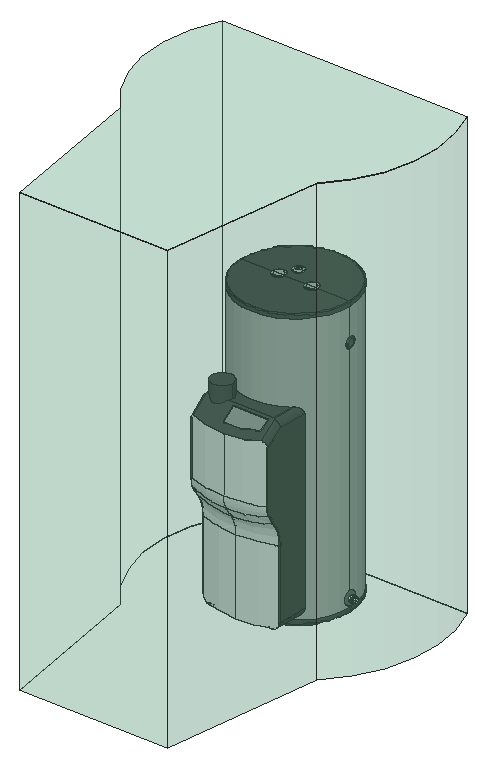
Revit family "Innovo GB_IR 24 285 GB NAT", category Mechanical Equipment, Revit 2015
Parameters (values of type "IR-24-285 GB NAT")
  Workspace Radius = Diameter + 170 mm  # 845 mm
  Workspace Height = Height + 1000 mm  # 2745 mm
  Workspace Front Distance = 1000 mm
  Working only during off-peak hour = no
  Width = Diameter  # 675 mm
  Workspace [instance] = yes
  Water heating energy efficiency class (2) = "-"
  Water heating energy efficiency class (1) = "A"  # constant formula
  Water heating energy efficiency (2) = "92%"
  Water heating energy efficiency (1) = "90%"
  Warranty on tank = "36 months"  # constant formula
  Warranty on parts = "12 months"  # constant formula
  Voltage = 230 V  # constant formula
  Valve Height 02 = if(and(Height = 1745 mm, Diameter = 675 mm), 1518 mm, if(and(Height = 1745 mm, Diameter = 610 mm), 1534 mm, if(Height = 1545 mm, 1328 mm, 1070 mm)))  # 1518 mm
  Valve Height 01 = if(and(Diameter > 560 mm), 693 mm, 604 mm)  # 693 mm
  URL = "www.aosmith.co.uk"
  Type of Packaging = "Carton and Wood"  # constant formula
  Transport Weight = 172 kg
  Trade mark = "A.O. Smith"  # constant formula
  Thermostat temperature setting = 65 °C  # constant formula
  T&P Connection Rp = 1"
  Storage Capacity = 380.0 L
  Standard Set For = "G20"
  Stand-by Loss - daily (24h) = 0 W
  Stand-by Loss = 0 W
  Smart control = no
  Serial Number = "8717449286415"
  Seasonal Energy Efficiency Rating = [Energy Efficiency Rating (Hs, acc NEN-EN 89-1999)]  # 97
  Recovery Rate @ ΔT = 70°C = 380.0 L/s
  Recovery Rate @ ΔT = 55°C = 480.0 L/s
  Recovery Rate @ ΔT = 50°C = 530.0 L/s
  Recovery Rate @ ΔT = 44°C = 600.0 L/s
  Recovery Rate @ ΔT = 28°C = 960.0 L/s
  Product Instruction Link = ""
  Product Documentation Link = ""
  Precaustions during assembling, installation or maintenance = "see User, Installation, Service and Maintenance Manual"  # constant formula
  Power Consumption (peak) = 105 W
  Power Consumption (nominal) = 85 W
  Phase = 1
  Packaging Width = 786 mm  # constant formula
  Packaging Length = 946 mm  # constant formula
  Packaging Height = 1895 mm
  Other load profile = "3XL"
  Operating Weight = 552 kg
  Nominal Output = "31300"
  Nominal Heat Input (Net) = "29000"
  Nominal Heat Input (Gross) = "31500"
  Noice-level dB (A) = "<45"  # constant formula
  NOx Emissions mg/kWh = "37"
  NOx Emissions (air free, 0% O2) ppm = "24"
  Model identifier = "IR-32-380"
  Model = "IR-32-380 GB NAT"
  Min. Setpoint = 40 °C  # constant formula
  Max. Setpoint = 85 °C  # constant formula
  Max. Operating Pressure = 800000.0 Pa
  Max. Flue Gas Outlet Temperature = 65 °C
  Manufacturer Number = "E 7110"  # constant formula
  Manufacturer = "A.O. Smith Water Products Company b.v."  # constant formula
  Maintenance Interval = "12 months"  # constant formula
  Load profile = "XXL"
  Length = 780 mm  # constant formula
  Insulation Thickness = 44 mm
  Installation Type = "B23/C13/C33/C43/C53/C63"  # constant formula
  Indoor sound power level = "58 dB"
  Hot / Warm Water Connection R = 1"
  Height Warm Water Outlet = 1745 mm
  Height Gas Connection = 905 mm
  Height Flue Outlet = 1350 mm
  Height Cold Water Inlet = 170 mm
  Height Air Inlet = 1350 mm
  Height = 1745 mm
  Heating Up Time @ ΔT = 70°C = "50"
  Heating Up Time @ ΔT = 55°C = "39"
  Heating Up Time @ ΔT = 50°C = "36"
  Heating Up Time @ ΔT = 44°C = "31"
  Heating Up Time @ ΔT = 28°C = "20"
  Gas Supply Pressure = 2000.0 Pa
  Gas Flow Rate - Volume ltr/hr = "3.10"
  Gas Flow Rate - Mass kg/h = "n.a."
  Gas Connection R = 15"  # constant formula
  Gas Category = "II2E3P"  # constant formula
  Frequency = 50 Hz  # constant formula
  Flue Diameter - water heater = "80/125 mm/mm"  # constant formula
  Flue Diameter - parallel system = "2x80"  # constant formula
  Flue Diameter - concentric system = "80/125 mm/mm"  # constant formula
  Energy Efficiency Rating (Hs, acc NEN-EN 89-1999) = 97
  Energy Efficiency Rating (Hi, acc NEN-EN 89-1999) = 108
  Empty Weight = 155 kg
  Draw-off Capacity @ ΔT = 70°C after 90 min. = 840.0 L
  Draw-off Capacity @ ΔT = 70°C after 60 min. = 650.0 L
  Draw-off Capacity @ ΔT = 70°C after 30 min. = 460.0 L
  Draw-off Capacity @ ΔT = 70°C after 120 min. = 1100.0 L
  Draw-off Capacity @ ΔT = 55°C after 90 min. = 1100.0 L
  Draw-off Capacity @ ΔT = 55°C after 60 min. = 860.0 L
  Draw-off Capacity @ ΔT = 55°C after 30 min. = 610.0 L
  Draw-off Capacity @ ΔT = 55°C after 120 min. = 1400.0 L
  Draw-off Capacity @ ΔT = 50°C after 90 min. = 1300.0 L
  Draw-off Capacity @ ΔT = 50°C after 60 min. = 950.0 L
  Draw-off Capacity @ ΔT = 50°C after 30 min. = 680.0 L
  Draw-off Capacity @ ΔT = 50°C after 120 min. = 1500.0 L
  Draw-off Capacity @ ΔT = 44°C after 90 min. = 1400.0 L
  Draw-off Capacity @ ΔT = 44°C after 60 min. = 1100.0 L
  Draw-off Capacity @ ΔT = 44°C after 30 min. = 790.0 L
  Draw-off Capacity @ ΔT = 44°C after 120 min. = 1800.0 L
  Draw-off Capacity @ ΔT = 28°C after 90 min. = 2300.0 L
  Draw-off Capacity @ ΔT = 28°C after 60 min. = 1800.0 L
  Draw-off Capacity @ ΔT = 28°C after 30 min. = 1300.0 L
  Draw-off Capacity @ ΔT = 28°C after 120 min. = 2800.0 L
  Drain Valve Connection Rp = 3/4"  # constant formula
  Diameter = 675 mm
  Destination / Country = "UK & Ireland"  # constant formula
  Description = "Condensing High Efficiency Storage Water Heater"  # constant formula
  Default Setpoint = 65 °C  # constant formula
  Created By = "http://www.cadcompany.nl/"
  Condens Discharge Connection = 40 mm  # constant formula
  Cold Water Connection R = 3/4"  # constant formula
  Co2 Emissions (tol. +/- 1.0) vol% = "9.3"
  CE-PIN = "0063CQ3037"  # constant formula
  BIM Content Developer = "CAD & Company"  # constant formula
  Assembly Code = "D3010"
  Annual fuel consumption (2) = "40 GJ GCV"
  Annual fuel consumption (1) = "21 GJ GCV"
  Annual electricity consumption (2) = "92 kWh"
  Annual electricity consumption (1) = "45 kWh"
  APS Pressure < = 210.0 Pa
  2nd Maintenance (general maintenance) = "12 months after installation"  # constant formula
  1e Maintenance (check-up) = "3 months after installation"  # constant formula
Reference planes
  plane 1 "Center (Front/Back)": y = 0
  plane 2: z = 0
  plane 3 "Center (Left/Right)": x = 0
  plane 4 "Pipe": through (-383.901, 912.349, 194.799) normal (-0.0879, -0.0879, 0.9923)
  plane 5 "footing": y = 118.925
  plane 6 "footing front": y = -237.85
  plane 7: x = -337.5
  plane 8: x = 337.5
  plane 9: z = 1745
Forms (mm)
  Revolve 1, solid, material "RAL 9005", detail levels medium+fine
    sketch origin (0, -237.85, 0) x (-1, 0, 0) y (0, 0, 1)
      loop
        line (0, 28.9) -> (-15, 28.9) -> (-15, 26.4) -> (-8.671, 26.4) -> (-8.671, 18) -> (-5.686, 18) -> (-6.626, 17.06) -> (-6.626, 12.06) -> (-8.671, 12.06) -> (-8.671, 10) -> (-10.031, 10) -> (-23.271, 5.181)
        arc (-23.271, 5.181) -> (-23.763, 4.836) -> (-24.017, 4.293) r 1.159
        line (-24.017, 4.293) -> (-24.017, 1.03)
        arc (-24.017, 1.03) -> (-23.715, 0.302) -> (-22.986, 0) r 1.03
        line (-22.986, 0) -> (0, 0) -> (0, 28.9)
      axis (0, 28.9) -> (0, 0)
    angle from 0 to 360
  Revolve 2, solid, material "RAL 9005", detail levels medium+fine
    sketch origin (0, 118.925, 0) x (-1, 0, 0) y (0, 0, 1)
      loop
        line (-238.484, 28.9) -> (-253.484, 28.9) -> (-253.484, 26.4) -> (-247.155, 26.4) -> (-247.155, 18) -> (-244.17, 18) -> (-245.11, 17.06) -> (-245.11, 12.06) -> (-247.155, 12.06) -> (-247.155, 10) -> (-248.515, 10) -> (-261.756, 5.181)
        arc (-261.756, 5.181) -> (-262.247, 4.836) -> (-262.501, 4.293) r 1.159
        line (-262.501, 4.293) -> (-262.501, 1.03)
        arc (-262.501, 1.03) -> (-262.199, 0.302) -> (-261.471, 0) r 1.03
        line (-261.471, 0) -> (-238.484, 0) -> (-238.484, 28.9)
      axis (-238.484, 28.9) -> (-238.484, 0)
    angle from 0 to 360
  Revolve 3, solid, material "RAL 9005", detail levels medium+fine
    sketch origin (0, 118.925, 0) x (-1, 0, 0) y (0, 0, 1)
      loop
        line (236.516, 28.9) -> (221.516, 28.9) -> (221.516, 26.4) -> (227.845, 26.4) -> (227.845, 18) -> (230.83, 18) -> (229.89, 17.06) -> (229.89, 12.06) -> (227.845, 12.06) -> (227.845, 10) -> (226.485, 10) -> (213.244, 5.181)
        arc (213.244, 5.181) -> (212.753, 4.836) -> (212.499, 4.293) r 1.159
        line (212.499, 4.293) -> (212.499, 1.03)
        arc (212.499, 1.03) -> (212.801, 0.302) -> (213.529, 0) r 1.03
        line (213.529, 0) -> (236.516, 0) -> (236.516, 28.9)
      axis (236.516, 28.9) -> (236.516, 0)
    angle from 0 to 360
Lines and regions (mm)
  symbolic lines
    curve 1: line (0, 280.06, 0) -> (0, -280.06, 0)
    curve 2: line (-312.56, 0, 0) -> (312.56, 0, 0)
  symbolic lines, style "Workspace"
    curve 3: line (754.705, 380.06, 0) -> (-754.705, 380.06, 0)
    curve 4: arc (-754.705, 380.06, 0) -> (-834.687, -131.618, 0) -> (-601.132, -593.856, 0) r 845
    curve 5: line (-601.132, -593.856, 0) -> (-454.283, -1552.825, 0)
    curve 6: line (-454.283, -1552.825, 0) -> (456.53, -1552.825, 0)
    curve 7: line (456.53, -1552.825, 0) -> (603.26, -591.695, 0)
    curve 8: arc (603.26, -591.695, 0) -> (834.921, -130.12, 0) -> (754.705, 380.06, 0) r 845
Dimensions and locks
  plane 5 "footing" to plane 1 "Center (Front/Back)" = 118.925 mm
  plane 1 "Center (Front/Back)" to plane 6 "footing front" = 237.85 mm
  "Diameter": plane 7 to plane 8
  equal spacing: plane 7, plane 3 "Center (Left/Right)", plane 8
  "Height": plane 9 to plane 2
  "Workspace Front Distance": curve 6 to nested 3
  "Workspace Radius": radius of curve 4
  "Workspace Radius": radius of curve 8
  aligned and locked: level to plane 2
  aligned and locked: nested 3 to Revolve 1 sketch curve
  aligned and locked: plane 3 "Center (Left/Right)" to Revolve 1 sketch curve
  aligned and locked: nested 3 to plane 1 "Center (Front/Back)"
  aligned and locked: plane 3 "Center (Left/Right)" to nested 3
  aligned and locked: nested 1 to plane 8
  aligned and locked: nested 5 to plane 8
  aligned and locked: nested 2 to plane 7
  aligned and locked: nested 4 to plane 7
  aligned and locked: nested 7 to plane 7
  aligned and locked: nested 8 to plane 3 "Center (Left/Right)"
  aligned and locked: plane 1 "Center (Front/Back)" to nested 8
  aligned and locked: nested 8 to nested 3
  aligned and locked: curve 5 to nested 8
  aligned and locked: curve 7 to nested 8
  aligned and locked: curve 3 to nested 8
Automatic sketch dimensions
  Revolve 1 sketch curve to level = 0 mm
  plane 3 "Center (Left/Right)" to Revolve 1 sketch curve = 5.686 mm
  Revolve 1 sketch curve to Revolve 1 sketch curve = 0.94 mm  (x2)
  Revolve 1 sketch curve to Revolve 1 sketch curve = 2.046 mm  (x2)
  Revolve 1 sketch curve to Revolve 1 sketch curve = 1.359 mm
  Revolve 1 sketch curve to Revolve 1 sketch curve = 6.329 mm
  level to Revolve 1 sketch curve = 4.091 mm
  Revolve 1 sketch curve to Revolve 1 sketch curve = 12.844 mm
  level to Revolve 1 sketch curve = 1.03 mm
  Revolve 1 sketch curve to Revolve 1 sketch curve = 0.111 mm
  level to Revolve 1 sketch curve = 5.181 mm
  Revolve 1 sketch curve to Revolve 1 sketch curve = 0.745 mm
  level to Revolve 1 sketch curve = 10 mm
  Revolve 1 sketch curve to Revolve 1 sketch curve = 2.06 mm
  Revolve 1 sketch curve to Revolve 1 sketch curve = 5 mm
  Revolve 1 sketch curve to Revolve 1 sketch curve = 8.4 mm
  Revolve 1 sketch curve to Revolve 1 sketch curve = 2.5 mm
  Revolve 1 sketch curve to level = 19.635 mm
  Revolve 1 sketch curve to Revolve 1 sketch curve = 46.465 mm
  Revolve 2 sketch curve to level = 0 mm
  level to Revolve 2 sketch curve = 1.03 mm
  Revolve 2 sketch curve to plane 8 = 74.999 mm
  level to Revolve 2 sketch curve = 5.181 mm
  Revolve 2 sketch curve to Revolve 2 sketch curve = 0.745 mm
  Revolve 2 sketch curve to Revolve 2 sketch curve = 0.397 mm
  Revolve 2 sketch curve to Revolve 2 sketch curve = 8.271 mm
  Revolve 2 sketch curve to Revolve 2 sketch curve = 13.241 mm
  Revolve 2 sketch curve to Revolve 2 sketch curve = 1.359 mm
  Revolve 2 sketch curve to Revolve 2 sketch curve = 6.329 mm
  Revolve 2 sketch curve to Revolve 2 sketch curve = 2.046 mm
  level to Revolve 2 sketch curve = 18 mm
  Revolve 2 sketch curve to Revolve 2 sketch curve = 0.94 mm  (x2)
  Revolve 2 sketch curve to Revolve 2 sketch curve = 8.671 mm
  Revolve 2 sketch curve to Revolve 2 sketch curve = 1.089 mm
  Revolve 2 sketch curve to Revolve 2 sketch curve = 8 mm
  Revolve 2 sketch curve to Revolve 2 sketch curve = 2.06 mm
  Revolve 2 sketch curve to Revolve 2 sketch curve = 8.4 mm
  Revolve 2 sketch curve to Revolve 2 sketch curve = 2.5 mm
  Revolve 2 sketch curve to Revolve 2 sketch curve = 0 mm
  Revolve 2 sketch curve to level = 19.635 mm
  Revolve 2 sketch curve to Revolve 2 sketch curve = 46.465 mm
  Revolve 3 sketch curve to level = 0 mm
  level to Revolve 3 sketch curve = 1.03 mm
  Revolve 3 sketch curve to plane 7 = 125.001 mm
  level to Revolve 3 sketch curve = 5.181 mm
  Revolve 3 sketch curve to Revolve 3 sketch curve = 0.745 mm
  Revolve 3 sketch curve to Revolve 3 sketch curve = 0.397 mm
  Revolve 3 sketch curve to Revolve 3 sketch curve = 8.271 mm
  Revolve 3 sketch curve to Revolve 3 sketch curve = 13.241 mm
  Revolve 3 sketch curve to Revolve 3 sketch curve = 1.359 mm
  Revolve 3 sketch curve to Revolve 3 sketch curve = 6.329 mm
  Revolve 3 sketch curve to Revolve 3 sketch curve = 2.046 mm
  level to Revolve 3 sketch curve = 18 mm
  Revolve 3 sketch curve to Revolve 3 sketch curve = 0.94 mm  (x2)
  Revolve 3 sketch curve to Revolve 3 sketch curve = 8.671 mm
  Revolve 3 sketch curve to Revolve 3 sketch curve = 1.089 mm
  Revolve 3 sketch curve to Revolve 3 sketch curve = 8 mm
  Revolve 3 sketch curve to Revolve 3 sketch curve = 2.06 mm
  Revolve 3 sketch curve to Revolve 3 sketch curve = 8.4 mm
  Revolve 3 sketch curve to Revolve 3 sketch curve = 2.5 mm
  Revolve 3 sketch curve to Revolve 3 sketch curve = 0 mm
  Revolve 3 sketch curve to level = 19.635 mm
  Revolve 3 sketch curve to Revolve 3 sketch curve = 46.465 mm
  curve 4 to curve 8 = 0 mm  (x2)
  plane 1 "Center (Front/Back)" to curve 2 = 0 mm
  curve 1 to plane 3 "Center (Left/Right)" = 0 mm
  plane 1 "Center (Front/Back)" to curve 4 = 0 mm
  curve 4 to plane 3 "Center (Left/Right)" = 0 mm
  curve 2 to plane 7 = 24.94 mm
  curve 2 to plane 8 = 24.94 mm
  curve 1 to plane 6 "footing front" = 42.21 mm
  plane 5 "footing" to curve 1 = 161.135 mm
Nested families
  nested 1: "Valve" at (337.5, -0.38, 1518) x (0, 1, 0) z (0, 0, 1), built-in parameter 1001364 <- "Valve Height 02", type "Valve"
  nested 2: "Drain Valve" at (-337.5, 0, 1518), built-in parameter 1001364 <- "Valve Height 02", type "Drain Valve"
  nested 3: "Housing Mother Housing S 57 (external)" at (0, -334.886, 0), type "Housing Mother_Housing S_57"
    with radius 337.5 mm, distance to boiler center 189 mm, diameter 675 mm
  nested 4: "Drain Valve" at (-337.5, 0, 177), type "Drain Valve"
  nested 5: "Drain Valve" at (337.5, 0, 107) x (-1, 0, 0) z (0, 0, 1), type "Drain Valve"
  nested 6: "Boiler" at (0, 0, 0), height <- "Height", type "Boiler"
    with height 1745 mm, radius 337.5 mm, Diameter 675 mm
  nested 7: "Drain Valve" at (-337.5, 0, 693), built-in parameter 1001364 <- "Valve Height 01", type "Drain Valve"
  nested 8: "Innovo_workspace" at (0, 0, 0), Workspace <- "Workspace", Workspace Distance Front <- "Workspace Front Distance", Workspace Height <- "Workspace Height", Workspace Radius <- "Workspace Radius", type "Workspace"
    with Workspace Radius 845 mm, Workspace Height 2745 mm, Workspace Distance Front 1000 mm, Workspace yes, Center to Front 552.825 mm
Connectors
  piping at (372.326, 0, 107), diameter 19.05, driven by "Drain Valve Connection Rp"
    settings: on nested 5, index 1, connector inside diameter 24", connector length 0 mm, flow factor 0, pipe flow 0.0 L/s, pressure drop 0.0 Pa, fitting loss kfactor 0, connector angle 0.00°, fixture units 0, engagement length 0 mm, angle of deflection 0.00°, flow configuration 0, flow direction 0, fitting loss method 0, system type 19, joint type 0, gender type 0, connector reference index -1, connector utility 0, adjustable connector no, is connector primary yes, connector description ""
  hvac at (-147.013, -381.326, 1310.674)
    settings: on nested 3, index 2, duct flow 0.0 L/s, flow factor 0, pres drop 0.0 Pa, loss coef 0, conn angle 0.00°, conn width 304.8 mm, conn height 304.8 mm, conn diameter 125 mm, duct sys type 4, conn prof type 0, flow config 0, flow direction 0, loss method 0, conn ref index -1, conn util no, is conn primary yes, conn desc ""
Definition of nested family "Valve"
  Parameters (values of type "Valve")
    Type Comments = "T&P valve (internal)"
    Manufacturer = "A.O. Smith"
  Reference planes
    plane 1 "Center (Front/Back)": y = 0
    plane 2: z = 0
    plane 3 "Center (Left/Right)": x = 0
  Forms (mm)
    Extrusion 1, solid, detail levels fine
      sketch origin (0, 0, 0) x (1, 0, 0) y (0, 0, 1)
        loop
          circle (0, 0) r 31.5
      from -2.271 to 1.4
    Sweep 2, solid, detail levels fine
      path origin (0, -1.4, 0) x (1, 0, 0) y (0, 0, 1)
        loop
          circle (0, 0) r 31.5
      profile origin (0, -1.4, 31.5) x (0, 0, -1) y (0, -1, 0)
        loop
          line (7.3, 0) -> (7.3, 3) -> (0, 0) -> (7.3, 0)
  Dimensions and locks
    aligned and locked: level to plane 2
Definition of nested family "Drain Valve"
  Reference planes
    plane 1 "Center (Front/Back)": y = 0
    plane 2: z = 0
    plane 3 "Center (Left/Right)": x = 0
  Forms (mm)
    Revolve 1, solid, detail levels medium+fine
      sketch origin (0, 0, 0) x (1, 0, 0) y (0, 0, 1)
        loop
          line (-33.442, 15.696) -> (-34.826, 14.329) -> (-34.93, 12.731) -> (-16.555, 12.731) -> (-16.555, 0) -> (15.787, 0) -> (15.787, 18.3) -> (-14.4, 18.3) -> (-17.148, 15.533) -> (-18.729, 16.697) -> (-20.091, 15.333) -> (-21.672, 16.496) -> (-23.034, 15.133) -> (-24.614, 16.296) -> (-25.976, 14.932) -> (-27.557, 16.096) -> (-28.919, 14.732) -> (-30.5, 15.896) -> (-31.862, 14.532) -> (-33.442, 15.696)
        axis (-34.93, 0) -> (15.787, 0)
      angle from 0 to 360
  Dimensions and locks
    aligned and locked: level to plane 2
  Nested families
    nested 1: "Rubber sealing" at (2.592, -0.155, 0) x (0.0023, -1, 0) z (0, 0, 1), type "Rubber sealing", detail levels fine
  Definition of nested family "Rubber sealing"
    Reference planes
      plane 1 "Center (Front/Back)": y = 0
      plane 2: z = 0
      plane 3 "Center (Left/Right)": x = 0
    Forms (mm)
      Extrusion 1, solid, detail levels fine
        sketch origin (141.861, 319.581, 0) x (1, 0, 0) y (0, 1, 0)
          loop
            line (-216.354, -311.898) -> (-216.354, -313.94)
            arc (-216.354, -313.94) -> (-141.602, -321.581) -> (-66.861, -313.835) r 366.966
            line (-66.861, -313.835) -> (-66.861, -311.791)
            arc (-66.861, -311.791) -> (-141.602, -319.581) -> (-216.354, -311.898) r 364.966
        from -80 to 80
      Extrusion 2, void
        sketch origin (141.861, 319.581, 0) x (1, 0, 0) y (0, 0, 1)
          loop
            circle (-141.861, 0) r 13
          loop
            circle (-141.861, 0) r 110
          loop
            circle (-141.861, 0) r 40
        from 311.563 to 332.684
      Extrusion 3, void
        sketch origin (141.861, 319.581, 0) x (1, 0, 0) y (0, 0, 1)
          loop
            circle (-141.861, 0) r 18.25
        from 315.524 to 326.084
    Cuts and joins
      Extrusion 2, Extrusion 3 cuts Extrusion 1
    Dimensions and locks
      aligned and locked: level to plane 2
Definition of nested family "Housing Mother Housing S 57 (external)"
  Parameters (values of type "Housing Mother_Housing S_57")
    radius [instance] = 280 mm
    distance to boiler center = if(diameter = 675 mm, 189 mm, if(diameter = 610 mm, 154 mm, 129 mm))  # 129 mm
    diameter = 560 mm
  Reference planes
    plane 1 "Center (Front/Back)": y = 0
    plane 2: z = 0
    plane 3 "Center (Left/Right)": x = 0
    plane 4 "left": through (-245.286, 145.886, 1200) normal (0.9994, 0.0349, 0)
    plane 5: y = -217.939
    plane 6: y = 145.886
    plane 7: z = 1232.6
    plane 8: z = 65.89
    plane 9 "right": through (245.286, 145.886, 1200) normal (0.9994, -0.0349, 0)
    plane 10 "display": through (0, -90.37, 1221.196) normal (0, -0.5736, 0.8192)
    plane 11 "Potentiostat": z = 867.899
    plane 12 "boiler center": y = 274.886
    plane 13: x = -280
    plane 14: x = 280
  Forms (mm)
    Extrusion 1, solid
      sketch origin (0, 0, 0) x (1, 0, 0) y (0, 1, 0)
        loop
          line (-245.286, 145.886) -> (-232.581, -217.939) -> (232.581, -217.939) -> (245.286, 145.886)
          arc (245.286, 145.886) -> (0, 0.923) -> (-245.286, 145.886) r 280
      from 0 to 1232.6
    Sweep 2, void
      path origin (0, 0, 0) x (0, 1, 0) y (0, 0, 1)
        loop
          line (-217.939, 1232.6) -> (-217.939, 795.555)
          arc (-217.939, 795.555) -> (-212.387, 754.285) -> (-197.694, 715.322) r 183.924
          arc (-197.694, 715.322) -> (-179.915, 684.628) -> (-159.106, 655.901) r 348.284
          arc (-159.106, 655.901) -> (-131.411, 600.328) -> (-121.88, 538.973) r 202.254
          line (-121.88, 538.973) -> (-121.88, 61.106)
      profile origin (0, -217.939, 1014.077) x (1, 0, 0) y (0, 1, 0)
        loop
          arc (0, 0) -> (-117.533, 9.941) -> (-231.728, 39.475) r 699.984
          arc (-231.728, 39.475) -> (-233.391, 40.705) -> (-234.07, 42.659) r 3.505
          line (-234.07, 42.659) -> (-254.062, 42.659) -> (-254.062, -142.593) -> (254.07, -142.593) -> (254.07, 42.659) -> (234.07, 42.659)
          arc (234.07, 42.659) -> (233.391, 40.705) -> (231.728, 39.475) r 3.505
          arc (231.728, 39.475) -> (117.533, 9.941) -> (0, 0) r 699.984
    Extrusion 3, void
      sketch origin (0, 0, 0) x (0, 1, 0) y (0, 0, 1)
        loop
          arc (102.864, 70.869) -> (99.804, 70.709) -> (96.874, 69.813) r 12.57
          arc (96.874, 69.813) -> (87.878, 66.533) -> (78.516, 64.529) r 69.114
          arc (78.516, 64.529) -> (76.41, 64.284) -> (74.294, 64.148) r 41.206
          arc (74.294, 64.148) -> (65.203, 64.335) -> (56.122, 64.782) r 318.661
          arc (56.122, 64.782) -> (30.585, 66.179) -> (5.028, 67.128) r 1456.581
          line (5.028, 67.128) -> (-84.534, 73.135)
          arc (-84.534, 73.135) -> (-86.363, 73.808) -> (-87.536, 75.365) r 3.455
          line (-87.536, 75.365) -> (-264.473, 75.365) -> (-264.473, 0) -> (160.886, 0) -> (160.886, 103.945) -> (145.886, 103.945)
          arc (145.886, 103.945) -> (145.104, 97.827) -> (142.923, 92.059) r 26.364
          arc (142.923, 92.059) -> (141.067, 88.936) -> (138.867, 86.045) r 31.715
          arc (138.867, 86.045) -> (135.576, 82.49) -> (132.021, 79.2) r 62.615
          arc (132.021, 79.2) -> (125.841, 74.697) -> (119.091, 71.103) r 54.444
          arc (119.091, 71.103) -> (116.371, 70.272) -> (113.531, 70.123) r 11.669
          line (113.531, 70.123) -> (102.864, 70.869)
      from -254.062 to 254.07
    Sweep 4, void
      path origin (0, 0, 0) x (1, 0, 0) y (0, 1, 0)
        loop
          line (-245.286, 145.886) -> (-232.581, -217.939)
      profile origin (-238.933, -36.027, 0) x (0.999391, 0.034899, 0) y (0, 0, 1)
        loop
          line (-4.454, 0) -> (47.084, 0) -> (47.084, 73.431)
          arc (47.084, 73.431) -> (14.222, 85.134) -> (0.255, 117.1) r 43.922
          line (0.255, 117.1) -> (-4.454, 117.1) -> (-4.454, 0)
    Sweep 5, void
      path origin (0, 0, 0) x (-1, 0, 0) y (0, 1, 0)
        loop
          line (-245.286, 145.886) -> (-232.581, -217.939)
      profile origin (238.933, -36.027, 0) x (0.999391, -0.034899, 0) y (0, 0, 1)
        loop
          line (4.454, 0) -> (4.454, 117.1) -> (-0.255, 117.1)
          arc (-0.255, 117.1) -> (-14.222, 85.134) -> (-47.084, 73.431) r 43.922
          line (-47.084, 73.431) -> (-47.084, 0) -> (4.454, 0)
    Sweep 6, void
      path origin (-239.899, -8.377, 0) x (-0.034899, 0.999391, 0) y (0, 0, 1)
        loop
          line (-209.69, 1141.272) -> (-79.18, 1232.6) -> (154.358, 1232.6)
      profile origin (-241.211, 29.188, 1232.6) x (0, 0, 1) y (0.999391, 0.034899, 0)
        loop
          line (-45, -30) -> (75, -30) -> (75, 0) -> (75, 55) -> (2.799, 55) -> (-1.253, 35.128)
          arc (-1.253, 35.128) -> (-16.771, 9.564) -> (-45, -0.308) r 44.287
          line (-45, -0.308) -> (-45, -30)
    Sweep 7, void
      path origin (239.899, -8.377, 0) x (0.034899, 0.999391, 0) y (0, 0, 1)
        loop
          line (-209.69, 1141.272) -> (-79.18, 1232.6) -> (154.358, 1232.6)
      profile origin (241.211, 29.188, 1232.6) x (0, 0, -1) y (-0.999391, 0.034899, 0)
        loop
          line (-75, -25) -> (45, -25) -> (45, -0.308)
          arc (45, -0.308) -> (16.771, 9.564) -> (1.253, 35.128) r 44.287
          line (1.253, 35.128) -> (-2.799, 55) -> (-75, 55) -> (-75, -25)
    Extrusion 8, void
      sketch origin (0, 0, 0) x (0, 1, 0) y (0, 0, 1)
        loop
          line (-270, 1336.099) -> (-270, 1099.081) -> (68.497, 1336.099) -> (-270, 1336.099)
      from -425.038 to 444.42
    Extrusion 9, solid, detail levels medium+fine
      sketch origin (0, 0, 0) x (1, 0, 0) y (0, 1, 0)
        loop
          circle (-147.013, -46.44) r 65
      from 1163.174 to 1310.674
    Extrusion 10, void
      sketch origin (0, -603.506, 861.895) x (0, 0.819152, 0.573576) y (-1, 0, 0)
        loop
          arc (618.322, -173) -> (623.272, -170.95) -> (625.322, -166) r 7
          line (625.322, -166) -> (625.322, 35)
          arc (625.322, 35) -> (623.272, 39.95) -> (618.322, 42) r 7
          line (618.322, 42) -> (535.473, 42)
          arc (535.473, 42) -> (530.688, 40.11) -> (528.488, 35.46) r 7
          arc (528.488, 35.46) -> (531.569, -67.592) -> (554.18, -168.18) r 540
          arc (554.18, -168.18) -> (556.724, -171.668) -> (560.831, -173) r 7
          line (560.831, -173) -> (618.322, -173)
      from 0 to 137.286
    Sweep 11, solid, detail levels fine
      path origin (0, 0, 867.899) x (-1, 0, 0) y (0, -1, 0)
        loop
          line (309.749, -35.617) -> (204.371, -35.617)
          arc (204.371, -35.617) -> (196.509, -34.687) -> (189.082, -31.947) r 33.677
          line (189.082, -31.947) -> (-9.574, 69.274)
      profile origin (-257.06, 35.617, 867.899) x (0, 1, 0) y (0, 0, 1)
        loop
          circle (0, 0) r 7.316
        loop
          circle (0, 0) r 6.465
    Revolve 12, void
      sketch origin (0, 274.886, 0) x (-1, 0, 0) y (0, 0, 1)
        loop
          line (280, 1243.838) -> (0, 1243.838) -> (0, 54.9) -> (280, 54.9) -> (280, 1243.838)
        axis (0, 1243.838) -> (0, 54.9)
      angle from 0 to 360
  Cuts and joins
    Sweep 2, Extrusion 3, Sweep 4, Sweep 5, Sweep 6, Sweep 7, Extrusion 8, Extrusion 10, Revolve 12 cuts Extrusion 1
  Dimensions and locks
    plane 8 to plane 2 = 65.89 mm
    plane 7 to plane 8 = 1166.71 mm
    "distance to boiler center": plane 12 "boiler center" to plane 6
    "diameter": plane 14 to plane 13
    equal spacing: plane 14, plane 3 "Center (Left/Right)", plane 13
    "radius": plane 3 "Center (Left/Right)" to plane 13
    aligned and locked: level to plane 2
    aligned and locked: Extrusion 1 to plane 7
    aligned and locked: Extrusion 1 sketch curve to plane 5
    aligned and locked: Sweep 2 to Extrusion 3
    aligned and locked: Extrusion 3 to Sweep 2  (x2)
    aligned and locked: plane 7 to Sweep 2 sketch curve
    aligned and locked: plane 3 "Center (Left/Right)" to Revolve 12 sketch curve
    aligned and locked: Revolve 12 sketch curve to plane 3 "Center (Left/Right)"
    aligned and locked: plane 13 to Revolve 12 sketch curve
  Automatic sketch dimensions
    Extrusion 1 sketch curve to plane 4 "left" = 0 mm  (x2)
    Extrusion 1 sketch curve to plane 6 = 0 mm  (x2)
    Extrusion 1 sketch curve to plane 3 "Center (Left/Right)" = 0 mm
    Extrusion 1 sketch curve to plane 9 "right" = 0 mm
    plane 6 to Extrusion 1 sketch curve = 135.037 mm
    Sweep 2 sketch curve to plane 5 = 0 mm
    plane 5 to Sweep 2 sketch curve = 106.195 mm
    Sweep 2 sketch curve to plane 5 = 96.059 mm
    plane 1 "Center (Front/Back)" to Sweep 2 sketch curve = 34.053 mm
    plane 11 "Potentiostat" to Sweep 2 sketch curve = 6.417 mm
    Sweep 2 sketch curve to plane 6 = 33.705 mm
    Sweep 2 sketch curve to plane 11 "Potentiostat" = 68.615 mm
    Sweep 2 sketch curve to plane 11 "Potentiostat" = 72.345 mm
    Sweep 2 sketch curve to Sweep 2 sketch curve = 176.349 mm
    Sweep 2 sketch curve to Sweep 2 sketch curve = 0 mm  (x2)
    plane 8 to Sweep 2 sketch curve = 4.784 mm
    Extrusion 3 sketch curve to level = 0 mm
    Extrusion 3 sketch curve to plane 6 = 0 mm
    Extrusion 3 sketch curve to plane 6 = 26.363 mm
    Extrusion 3 sketch curve to Extrusion 3 sketch curve = 4.75 mm
    Extrusion 3 sketch curve to Extrusion 3 sketch curve = 5.179 mm
    Extrusion 3 sketch curve to plane 8 = 4.232 mm
    Extrusion 3 sketch curve to Extrusion 3 sketch curve = 0.814 mm
    Extrusion 3 sketch curve to plane 8 = 4.978 mm
    Extrusion 3 sketch curve to Extrusion 3 sketch curve = 10.667 mm
    Extrusion 3 sketch curve to Extrusion 3 sketch curve = 0.877 mm
    Extrusion 3 sketch curve to Extrusion 3 sketch curve = 17.827 mm
    Extrusion 3 sketch curve to Extrusion 3 sketch curve = 5.646 mm
    Extrusion 3 sketch curve to plane 6 = 69.562 mm
    Extrusion 3 sketch curve to Extrusion 3 sketch curve = 18.6 mm
    Extrusion 3 sketch curve to Extrusion 3 sketch curve = 22.538 mm
    Extrusion 3 sketch curve to plane 8 = 1.238 mm
    Extrusion 3 sketch curve to plane 1 "Center (Front/Back)" = 5.028 mm
    plane 1 "Center (Front/Back)" to Extrusion 3 sketch curve = 36.224 mm
    Extrusion 3 sketch curve to plane 8 = 10.692 mm
    plane 1 "Center (Front/Back)" to Extrusion 3 sketch curve = 84.302 mm
    Extrusion 3 sketch curve to plane 8 = 7.244 mm
    Extrusion 3 sketch curve to Extrusion 3 sketch curve = 0.231 mm
    Extrusion 3 sketch curve to Extrusion 3 sketch curve = 3.234 mm
    plane 5 to Extrusion 3 sketch curve = 46.534 mm
    plane 6 to Extrusion 3 sketch curve = 15 mm
    Extrusion 3 sketch curve to level = 1388.869 mm
    plane 8 to Extrusion 3 sketch curve = 7.561 mm
    Extrusion 3 sketch curve to Extrusion 3 sketch curve = 11.64 mm
    Extrusion 3 sketch curve to plane 8 = 38.054 mm
    Extrusion 3 sketch curve to Extrusion 3 sketch curve = 22.442 mm
    Extrusion 3 sketch curve to plane 8 = 39.432 mm
    Extrusion 3 sketch curve to Extrusion 3 sketch curve = 2.466 mm
    Extrusion 3 sketch curve to Extrusion 3 sketch curve = 14.17 mm
    Extrusion 3 sketch curve to Extrusion 3 sketch curve = 5.925 mm
    Extrusion 3 sketch curve to Extrusion 3 sketch curve = 6.186 mm
    Extrusion 3 sketch curve to Extrusion 3 sketch curve = 249.85 mm
    Extrusion 3 sketch curve to Extrusion 3 sketch curve = 0 mm  (x4)
    Extrusion 3 sketch curve to Extrusion 3 sketch curve = 6.845 mm
    plane 8 to Extrusion 3 sketch curve = 1.743 mm
    Sweep 4 sketch curve to plane 4 "left" = 0 mm  (x2)
    Sweep 4 sketch curve to plane 6 = 0 mm
    plane 5 to Sweep 4 sketch curve = 0 mm
    Sweep 4 sketch curve to level = 0 mm
    profile plane to Sweep 4 sketch curve = 4.454 mm
    Sweep 4 sketch curve to profile plane = 0.255 mm
    Sweep 4 sketch curve to Sweep 4 sketch curve = 43.922 mm
    Sweep 4 sketch curve to profile plane = 47.084 mm
    level to Sweep 4 sketch curve = 73.431 mm
    Sweep 4 sketch curve to Sweep 4 sketch curve = 43.669 mm
    Sweep 5 sketch curve to plane 6 = 0 mm
    Sweep 5 sketch curve to plane 9 "right" = 0 mm  (x2)
    plane 5 to Sweep 5 sketch curve = 0 mm
    Sweep 5 sketch curve to level = 0 mm
    profile plane to Sweep 5 sketch curve = 47.084 mm
    Sweep 5 sketch curve to Sweep 5 sketch curve = 2.907 mm
    profile plane to Sweep 5 sketch curve = 0.255 mm
    Sweep 5 sketch curve to profile plane = 4.454 mm
    level to Sweep 5 sketch curve = 73.431 mm
    Sweep 5 sketch curve to Sweep 5 sketch curve = 43.669 mm
    Sweep 6 sketch curve to plane 7 = 0 mm
    plane 7 to Sweep 6 sketch curve = 91.328 mm
    Sweep 6 sketch curve to Sweep 6 sketch curve = 130.509 mm
    Sweep 6 sketch curve to Sweep 6 sketch curve = 233.538 mm
    Sweep 6 sketch curve to plane 4 "left" = 0 mm
    profile plane to Sweep 6 sketch curve = 45 mm
    Sweep 6 sketch curve to Sweep 6 sketch curve = 0.354 mm
    profile plane to Sweep 6 sketch curve = 1.253 mm
    Sweep 6 sketch curve to profile plane = 2.799 mm
    Sweep 6 sketch curve to Sweep 6 sketch curve = 72.201 mm
    Sweep 6 sketch curve to plane 4 "left" = 0.308 mm
    Sweep 6 sketch curve to Sweep 6 sketch curve = 29.692 mm
    plane 4 "left" to Sweep 6 sketch curve = 35.128 mm
    plane 4 "left" to Sweep 6 sketch curve = 55 mm
    Sweep 7 sketch curve to plane 7 = 0 mm
    Sweep 7 sketch curve to plane 7 = 91.328 mm
    Sweep 7 sketch curve to Sweep 7 sketch curve = 130.509 mm
    Sweep 7 sketch curve to Sweep 7 sketch curve = 233.538 mm
    Sweep 7 sketch curve to plane 9 "right" = 25 mm
    profile plane to Sweep 7 sketch curve = 75 mm
    profile plane to Sweep 7 sketch curve = 2.799 mm
    Sweep 7 sketch curve to profile plane = 1.253 mm
    Sweep 7 sketch curve to Sweep 7 sketch curve = 43.393 mm
    Sweep 7 sketch curve to profile plane = 45 mm
    Sweep 7 sketch curve to plane 9 "right" = 0.308 mm
    plane 9 "right" to Sweep 7 sketch curve = 35.128 mm
    Sweep 7 sketch curve to Sweep 7 sketch curve = 19.872 mm
    plane 5 to Extrusion 8 sketch curve = 52.061 mm
    Extrusion 8 sketch curve to plane 1 "Center (Front/Back)" = 68.497 mm
    plane 7 to Extrusion 8 sketch curve = 133.519 mm
    Extrusion 8 sketch curve to plane 7 = 103.499 mm
    plane 1 "Center (Front/Back)" to Extrusion 9 sketch curve = 46.44 mm
    Extrusion 9 sketch curve to plane 3 "Center (Left/Right)" = 147.013 mm
    Extrusion 10 sketch curve to plane 3 "Center (Left/Right)" = 0 mm
    Extrusion 10 sketch curve to plane 3 "Center (Left/Right)" = 35 mm
    Extrusion 10 sketch curve to Extrusion 10 sketch curve = 25.359 mm
    Extrusion 10 sketch curve to Extrusion 10 sketch curve = 57.491 mm
    Extrusion 10 sketch curve to plane 3 "Center (Left/Right)" = 42 mm
    Extrusion 10 sketch curve to Extrusion 10 sketch curve = 82.85 mm
    Extrusion 10 sketch curve to Extrusion 10 sketch curve = 7 mm
    Extrusion 10 sketch curve to Extrusion 10 sketch curve = 442 mm
    plane 3 "Center (Left/Right)" to Extrusion 10 sketch curve = 166 mm
    Extrusion 10 sketch curve to Extrusion 10 sketch curve = 0 mm  (x2)
    Sweep 11 sketch curve to plane 1 "Center (Front/Back)" = 31.947 mm
    Sweep 11 sketch curve to plane 3 "Center (Left/Right)" = 189.082 mm
    Sweep 11 sketch curve to plane 1 "Center (Front/Back)" = 1.94 mm
    Sweep 11 sketch curve to Sweep 11 sketch curve = 15.289 mm
    plane 3 "Center (Left/Right)" to Sweep 11 sketch curve = 9.574 mm
    Sweep 11 sketch curve to Sweep 11 sketch curve = 105.378 mm
    plane 1 "Center (Front/Back)" to Sweep 11 sketch curve = 69.274 mm
    Sweep 11 sketch curve to Sweep 11 sketch curve = 0 mm  (x2)
    Sweep 11 sketch curve to plane 11 "Potentiostat" = 0 mm
    Sweep 11 sketch curve to profile plane = 0 mm
    plane 8 to Revolve 12 sketch curve = 10.99 mm
    Revolve 12 sketch curve to plane 7 = 11.238 mm
    Revolve 12 sketch curve to level = 366.045 mm
    Revolve 12 sketch curve to Revolve 12 sketch curve = 971.917 mm
    Sweep 2 sketch curve to plane 3 "Center (Left/Right)" = 0 mm
    profile plane to Sweep 2 sketch curve = 0 mm
    Sweep 2 sketch curve to plane 3 "Center (Left/Right)" = 0.016 mm
    Sweep 2 sketch curve to profile plane = 42.782 mm  (x2)
    Sweep 2 sketch curve to plane 3 "Center (Left/Right)" = 230.568 mm
    plane 3 "Center (Left/Right)" to Sweep 2 sketch curve = 0.016 mm
    plane 3 "Center (Left/Right)" to Sweep 2 sketch curve = 230.568 mm
    Sweep 2 sketch curve to Sweep 2 sketch curve = 3.502 mm  (x2)
    Sweep 2 sketch curve to Sweep 2 sketch curve = 20 mm
    profile plane to Sweep 2 sketch curve = 142.593 mm
    Sweep 2 sketch curve to Sweep 2 sketch curve = 0.122 mm  (x2)
    Sweep 2 sketch curve to Sweep 2 sketch curve = 657.203 mm
    Sweep 2 sketch curve to Sweep 2 sketch curve = 19.991 mm
    radius of Extrusion 9 sketch curve = 65 mm
    radius of Sweep 11 sketch curve = 7.316 mm
    radius of Sweep 11 sketch curve = 6.465 mm
  Nested families
    nested 1: "display" at (65.5, -130.939, 1192.79) x (-1, 0, 0) z (0, -0.5736, 0.8192), type "display"
  Definition of nested family "display"
    Parameters (values of type "display")
      Default Elevation = 1219.2 mm
    Reference planes
      plane 1 "Center (Front/Back)": y = 0
      plane 2: z = 0
      plane 3 "Center (Left/Right)": x = 0
    Forms (mm)
      Extrusion 1, solid, detail levels medium+fine
        sketch origin (-16.958, 11.842, -343.878) x (1, 0, 0) y (0, 0, -1)
          loop
            line (-233.523, -343.878) -> (-233.523, -346.592) -> (332.686, -346.592) -> (332.686, -343.878) -> (-233.523, -343.878)
        from -228.7 to 150.822
      Extrusion 2, void
        sketch origin (-16.958, 6.842, -343.878) x (1, 0, 0) y (0, 1, 0)
          loop
            line (-233.523, 155.822) -> (-233.523, -223.7) -> (332.686, -223.7) -> (332.686, 155.822) -> (-233.523, 155.822)
          loop
            arc (-90.542, -48.267) -> (-88.492, -53.216) -> (-83.542, -55.267) r 7
            line (-83.542, -55.267) -> (117.458, -55.267)
            arc (117.458, -55.267) -> (122.408, -53.216) -> (124.458, -48.267) r 7
            line (124.458, -48.267) -> (124.458, 34.583)
            arc (124.458, 34.583) -> (122.568, 39.368) -> (117.918, 41.568) r 7
            arc (117.918, 41.568) -> (14.866, 38.487) -> (-85.722, 15.876) r 540
            arc (-85.722, 15.876) -> (-89.21, 13.332) -> (-90.542, 9.224) r 7
            line (-90.542, 9.224) -> (-90.542, -48.267)
        from 328.878 to 363.083
    Cuts and joins
      Extrusion 2 cuts Extrusion 1
    Dimensions and locks
      aligned and locked: level to plane 2
Definition of nested family "Boiler"
  Parameters (values of type "Boiler")
    radius [instance] = 280 mm
    height [instance] = 1270 mm
    Diameter = 560 mm
  Reference planes
    plane 1 "Center (Front/Back)": y = 0
    plane 2: z = 0
    plane 3 "Center (Left/Right)": x = 0
    plane 4: z = 1243.838
    plane 5: z = 1270
    plane 6 "bottom": z = 28.9
    plane 7: z = 54.9
    plane 8 "top controle": y = 88
    plane 9: x = -280
    plane 10: x = 280
  Forms (mm)
    Revolve 1, solid
      sketch origin (0, 0, 0) x (1, 0, 0) y (0, 0, 1)
        loop
          line (0, 54.9) -> (-280, 54.9) -> (-280, 32.9)
          arc (-280, 32.9) -> (-278.828, 30.072) -> (-276, 28.9) r 4
          line (-276, 28.9) -> (0, 28.9) -> (0, 54.9)
        axis (0, 28.9) -> (0, 54.9)
      angle from 0 to 360
    Revolve 2, solid
      sketch origin (1.311, 0, 0) x (1, 0, 0) y (0, 0, 1)
        loop
          line (-278.86, 1243.838) -> (-278.86, 54.9) -> (-1.311, 54.9) -> (-1.311, 1243.838) -> (-278.86, 1243.838)
        axis (-1.311, 1243.838) -> (-1.311, 54.9)
      angle from 0 to 360
    Revolve 3, solid
      sketch origin (-9.205, 0, 377.212) x (-1, 0, 0) y (0, 0, 1)
        loop
          line (-148.904, 892.788) -> (-110.805, 892.788) -> (-110.805, 895.963) -> (-141.883, 895.963) -> (-148.904, 893.62) -> (-148.904, 892.788)
        axis (-110.805, 892.788) -> (-110.805, 895.963)
      angle from 0 to 360
    Revolve 4, solid
      sketch origin (0, 0, 718.065) x (1, 0, 0) y (0, 0, -1)
        loop
          line (0, -525.773) -> (-280, -525.773) -> (-280, -547.935)
          arc (-280, -547.935) -> (-278.828, -550.763) -> (-276, -551.935) r 4
          line (-276, -551.935) -> (0, -551.935) -> (0, -525.773)
        axis (0, -551.935) -> (0, -525.773)
      angle from 0 to 360
    Revolve 5, solid
      sketch origin (0, 88, 0) x (1, 0, 0) y (0, 0, 1)
        loop
          line (-19.051, 1270) -> (-19.051, 1271.074) -> (-32.63, 1275.604) -> (-32.63, 1271.117) -> (-37.266, 1271.117) -> (-38.383, 1270) -> (-19.051, 1270)
        axis (-50.8, 1270) -> (-50.8, 1275.604)
      angle from 0 to 360
    Revolve 6, solid
      sketch origin (-217.12, 0, 372.245) x (-1, 0, 0) y (0, 0, 1)
        loop
          line (-153.622, 897.755) -> (-115.52, 897.755) -> (-115.52, 900.93) -> (-146.626, 900.93) -> (-153.622, 898.596) -> (-153.622, 897.755)
        axis (-115.52, 897.755) -> (-115.52, 900.93)
      angle from 0 to 360
  Dimensions and locks
    "height": plane 5 to plane 2
    plane 6 "bottom" to plane 2 = 28.9 mm
    locked: plane 5 to plane 4 at 26.162
    locked: plane 1 "Center (Front/Back)" to plane 8 "top controle" at 88
    "Diameter": plane 10 to plane 9
    equal spacing: plane 10, plane 3 "Center (Left/Right)", plane 9
    "radius": plane 3 "Center (Left/Right)" to plane 9
    locked: plane 9 to Revolve 2 sketch curve at 2.452
    aligned and locked: level to plane 2
    aligned and locked: Revolve 2 sketch curve to plane 7
    aligned and locked: Revolve 2 sketch curve to plane 4
    aligned and locked: Revolve 1 sketch curve to plane 7
    aligned and locked: plane 6 "bottom" to Revolve 1 sketch curve
    aligned and locked: Revolve 4 sketch curve to plane 3 "Center (Left/Right)"
    aligned and locked: plane 5 to Revolve 4 sketch curve
    aligned and locked: Revolve 4 sketch curve to plane 4
    aligned and locked: plane 9 to Revolve 4 sketch curve
    aligned and locked: Revolve 1 sketch curve to plane 9
    aligned and locked: Revolve 2 sketch curve to plane 3 "Center (Left/Right)"
    aligned and locked: plane 3 "Center (Left/Right)" to Revolve 2 sketch curve
  Automatic sketch dimensions
    Revolve 1 sketch curve to plane 3 "Center (Left/Right)" = 0 mm  (x2)
    Revolve 1 sketch curve to Revolve 1 sketch curve = 4 mm
    Revolve 1 sketch curve to level = 40 mm
    Revolve 1 sketch curve to Revolve 1 sketch curve = 305.1 mm
    Revolve 2 sketch curve to level = 366.045 mm
    Revolve 2 sketch curve to plane 5 = 945.755 mm
    Revolve 3 sketch curve to plane 5 = 0 mm
    Revolve 3 sketch curve to plane 3 "Center (Left/Right)" = 139.699 mm
    plane 5 to Revolve 3 sketch curve = 3.175 mm
    Revolve 3 sketch curve to Revolve 3 sketch curve = 7.022 mm
    Revolve 3 sketch curve to Revolve 3 sketch curve = 31.078 mm
    Revolve 3 sketch curve to Revolve 3 sketch curve = 0.832 mm
    Revolve 3 sketch curve to Revolve 3 sketch curve = 0 mm
    Revolve 3 sketch curve to Revolve 3 sketch curve = 2.338 mm
    Revolve 3 sketch curve to Revolve 3 sketch curve = 4.487 mm
    Revolve 4 sketch curve to plane 3 "Center (Left/Right)" = 0 mm
    Revolve 4 sketch curve to Revolve 4 sketch curve = 4 mm
    Revolve 4 sketch curve to Revolve 4 sketch curve = 68.738 mm
    Revolve 4 sketch curve to Revolve 4 sketch curve = 305.1 mm
    Revolve 6 sketch curve to plane 5 = 0 mm
    plane 3 "Center (Left/Right)" to Revolve 6 sketch curve = 63.497 mm
    plane 5 to Revolve 6 sketch curve = 3.175 mm
    Revolve 6 sketch curve to Revolve 6 sketch curve = 6.997 mm
    Revolve 6 sketch curve to Revolve 6 sketch curve = 31.106 mm
    Revolve 6 sketch curve to Revolve 6 sketch curve = 0.84 mm
    Revolve 6 sketch curve to Revolve 6 sketch curve = 0 mm
    Revolve 6 sketch curve to Revolve 6 sketch curve = 7.216 mm
    Revolve 6 sketch curve to Revolve 6 sketch curve = 0.391 mm
    Revolve 5 sketch curve to Revolve 5 sketch curve = 13.578 mm
    Revolve 5 sketch curve to Revolve 5 sketch curve = 1.074 mm
    Revolve 5 sketch curve to Revolve 5 sketch curve = 12.417 mm
    Revolve 5 sketch curve to Revolve 5 sketch curve = 5.753 mm
    Revolve 5 sketch curve to plane 5 = 1.117 mm
    Revolve 5 sketch curve to Revolve 5 sketch curve = 1.117 mm
    plane 5 to Revolve 5 sketch curve = 4.396 mm
    Revolve 5 sketch curve to plane 5 = 0 mm
    Revolve 5 sketch curve to Revolve 5 sketch curve = 4.487 mm
    Revolve 5 sketch curve to plane 3 "Center (Left/Right)" = 38.383 mm
    Revolve 5 sketch curve to plane 5 = 5.604 mm
Definition of nested family "Innovo_workspace"
  Parameters (values of type "Workspace")
    Workspace Radius [instance] = 730 mm
    Workspace Height [instance] = 2270 mm
    Workspace Distance Front [instance] = 1000 mm
    Workspace [instance] = yes
    URL = "www.aosmith.nl"
    Model = ""
    Manufacturer = "A.O. Smith Water Products Company b.v."  # constant formula
    Description = ""
    Created By = ""
    Center to Front [instance] = 492.825 mm
    BIM Content Developer = "CAD & Company"  # constant formula
    Assembly Code = ""
  Reference planes
    plane 1 "Center (Front/Back)": y = 0
    plane 2: z = 0
    plane 3 "Center (Left/Right)": x = 0
    plane 4 "Pipe": through (-383.901, 912.349, 194.799) normal (-0.0879, -0.0879, 0.9923)
    plane 5 "front": y = -492.825
  Forms (mm)
    Extrusion 1, solid, visible <- "Workspace"
      sketch origin (0, 0, 0) x (1, 0, 0) y (0, 1, 0)
        loop
          line (456.53, -1492.825) -> (500.201, -531.695)
          arc (500.201, -531.695) -> (723.44, -97.643) -> (623.261, 380.06) r 730
          line (623.261, 380.06) -> (-623.261, 380.06)
          arc (-623.261, 380.06) -> (-723.227, -99.209) -> (-497.893, -533.856) r 730
          line (-497.893, -533.856) -> (-454.283, -1492.825) -> (456.53, -1492.825)
      from 0 to 2270 <- "Workspace Height"
  Lines and regions (mm)
    symbolic lines
      curve 1: line (0, 280.06, 0) -> (0, -280.06, 0)
      curve 2: line (-255.06, 0, 0) -> (255.06, 0, 0)
  Dimensions and locks
    locked: Extrusion 1 sketch curve to curve 1 at 100
    "Workspace Distance Front": plane 5 "front" to Extrusion 1
    "Center to Front": plane 1 "Center (Front/Back)" to plane 5 "front"
    "Workspace Radius": radius of Extrusion 1 sketch curve  (x2)
    aligned and locked: level to plane 2
  Automatic sketch dimensions
    plane 1 "Center (Front/Back)" to curve 2 = 0 mm
    curve 1 to plane 3 "Center (Left/Right)" = 0 mm
    plane 3 "Center (Left/Right)" to curve 2 = 255.06 mm
    curve 1 to plane 1 "Center (Front/Back)" = 280.06 mm
    curve 2 to plane 3 "Center (Left/Right)" = 255.06 mm
    plane 5 "front" to curve 1 = 212.765 mm
    Extrusion 1 sketch curve to Extrusion 1 sketch curve = 0 mm  (x2)
    plane 1 "Center (Front/Back)" to Extrusion 1 sketch curve = 0 mm
    Extrusion 1 sketch curve to plane 3 "Center (Left/Right)" = 0 mm
    Extrusion 1 sketch curve to plane 5 "front" = 41.031 mm
    Extrusion 1 sketch curve to plane 3 "Center (Left/Right)" = 454.283 mm
    plane 3 "Center (Left/Right)" to Extrusion 1 sketch curve = 456.53 mm
    Extrusion 1 sketch curve to plane 5 "front" = 38.869 mm
    Extrusion 1 sketch curve to Extrusion 1 sketch curve = 961.131 mm
